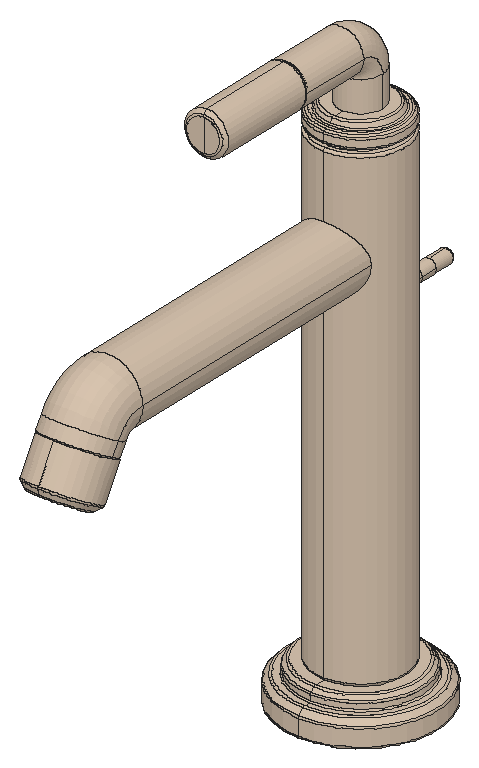
Revit family "Faucet-Lavatory-KALLISTA-PURE_PALETTA-P31590_1", category Plumbing Fixtures, host Face, Revit 2022
Family settings
  Host = Face
  Round Connector Dimension = Use Diameter
  Part Type = Normal
  OmniClass Number = 23.31.11.00
  OmniClass Title = Faucets
  Cut with Voids When Loaded = No
  Maintain Annotation Orientation = No
  Shared = No
  Room Calculation Point = No
Parameters (values of type "BAF-Brushed French Gold")
  Width = 2 93/256"  # constant formula
  WaterSense Certified = 1 = 0  # no
  Waste Water Outlet = "Waste Water Outlet"  # constant formula
  Waste Connection = 1 = 0  # no
  Vent Connection = 1 = 0  # no
  URL = "https://www.kallista.com/"
  Type = 2
  Spout Reach = 5.74016"  # constant formula
  Product Page URL = ""
  Product Name = "PURE PALETTA"  # constant formula
  Product Documentation Link = ""
  Pressure = 60.00 psi  # constant formula
  Model = if(Type = 1, "P31590-00-CP", if(Type = 2, "P31590-00-BAF", if(Type = 3, "P31590-00-SN", if(Type = 4, "P31590-00-BN", "NA"))))  # "P31590-00-BAF"
  Material = "Premium Metal Construction"  # constant formula
  Master Format 2014 Name = "Residential Faucets, Supplies, and Trim"  # constant formula
  Master Format 2014 = "22 41 39"  # constant formula
  Manufacturer Address = "444 Highland Dr, Kohler, WI 53044"  # constant formula
  Manufacturer = "Kallista Co."  # constant formula
  Length = Spout Reach  # 5.74016"
  Hot Water Inlet = "Hot Water Inlet"  # constant formula
  Height = 9 95/256"  # constant formula
  Handle Clearance = 2 127/128"  # constant formula
  HW Connection = 1 = 1  # yes
  Flow Rate = 1.2 GPM  # constant formula
  Finish = Kallista-Metal-BAF-Brushed_French_Gold
  Environmental Product Declaration = ""
  Drain Included = 1 = 1  # yes
  Description = "Single Control"  # constant formula
  Default Elevation = 36"
  Declare Label = ""
  Date Modified = "11/10/2023"  # constant formula
  Date Created = "07/14/2022"  # constant formula
  Copyright = "Copyright Kallista Co."  # constant formula
  Contact Us = "https://www.kallista.com/corporate/contact-us/"
  Cold Water Inlet = "Cold Water Inlet"  # constant formula
  CW Connection = 1 = 1  # yes
  Assembly Code = "D2010"
  ADA Compliant = 1 = 0  # no
Types (5): name | Type | Model | Finish
  (no name) | 2 | "P31590-00-BAF" | Kallista-Metal-BAF-Brushed_French_Gold
  CP-Chrome | 1 | "P31590-00-CP" | Kallista-Metal-CP-Chrome
  BAF-Brushed French Gold | 2 | "P31590-00-BAF" | Kallista-Metal-BAF-Brushed_French_Gold
  SN-Polished Nickel | 3 | "P31590-00-SN" | Kallista-Metal-SN-Polished_Nickel
  BN-Brushed Nickel | 4 | "P31590-00-BN" | Kallista-Metal-BN-Brushed_Nickel
Reference planes (in)
  plane 1 "Center (Front/Back)": y = 0
  plane 2: z = 0
  plane 3 "Center (Left/Right)": x = 0
  plane 4: x = -1.1811
  plane 5: x = 1.18218
  plane 6: y = -6.1875
  plane 7: z = 9.37109
  plane 8: x = 0.69685
  plane 9: x = -0.69685
  plane 10: y = -2.99219
  plane 11: z = 6.85039
  plane 12: z = 5.7874
  plane 13: z = 5.25197
  plane 14: y = 0.69685
  plane 15: y = -0.69685
  plane 16: z = 5.47244
  plane 17: z = 8.70079
  plane 18: y = 1.64961
  plane 19: y = -5.74016
  plane 20: z = 0.58268
  plane 21: x = -0.33465
  plane 22: x = 0.33465
  plane 23: x = -0.53001
  plane 24: x = 0.53001
Dimensions and locks (in)
  "Width": plane 4 to plane 5
  "Handle Clearance": plane 1 "Center (Front/Back)" to plane 10
  "Height": level to plane 7
  locked: level to plane 11 at 6.85039
  level to plane 20 = 0.58268"
  locked: plane 17 to plane 7 at 0.67031
  locked: plane 12 to plane 11 at 1.06299
  "Length": plane 1 "Center (Front/Back)" to plane 19
  level to plane 16 = 5.47244"
  plane 18 to plane 1 "Center (Front/Back)" = 1.64961"
  level to plane 13 = 5.25197"
  plane 9 to plane 8 = 1.3937"
  aligned and locked: plane 2 to host face
  aligned and locked: level to host face
  aligned and locked: plane 3 "Center (Left/Right)" to nested 1
  aligned and locked: plane 1 "Center (Front/Back)" to nested 1
Automatic sketch dimensions
  host sketch curve to host sketch curve = 96"  (x2)
Nested families (in)
  nested 1: "P31590" at (0, 0, 0), type "P31590"
Connectors (in)
  piping at (-0.33465, 0, 0), diameter 0.5625, driven by "Flow Rate", driven by "Pressure", driven by "HW Connection", driven by "Hot Water Inlet"
    settings: on nested 1, index 1, connector inside diameter 24", connector length 0", flow factor 0, pipe flow 1.2 GPM, pressure drop 60.00 psi, fitting loss kfactor 0, connector angle 0.00°, fixture units 0, engagement length 0", angle of deflection 0.00°, flow configuration 1, flow direction 1, fitting loss method 4, system type 19, joint type 0, gender type 0, connector reference index -1, connector utility 1, adjustable connector no, is connector primary yes, connector description "Hot Water Inlet"
  piping at (0.33465, 0, 0), diameter 0.5625, driven by "Flow Rate", driven by "Pressure", driven by "CW Connection", driven by "Cold Water Inlet"
    settings: on nested 1, index 2, connector inside diameter 24", connector length 0", flow factor 0, pipe flow 1.2 GPM, pressure drop 60.00 psi, fitting loss kfactor 0, connector angle 0.00°, fixture units 0, engagement length 0", angle of deflection 0.00°, flow configuration 1, flow direction 1, fitting loss method 4, system type 20, joint type 0, gender type 0, connector reference index -1, connector utility 1, adjustable connector no, is connector primary no, connector description "Cold Water Inlet"
Definition of nested family "P31590"
  Parameters
    Material = none
    Default Elevation = 0"
  Reference planes (in)
    plane 1 "Center (Front/Back)": y = 0
    plane 2: z = 0
    plane 3 "Center (Left/Right)": x = 0
    plane 4: z = 0.58268
    plane 5: y = -0.69685
    plane 6: y = 0.69685
    plane 7: z = 5.47244
    plane 8: z = 9.37008
    plane 9: z = 6.85039
    plane 10: z = 5.25197
    plane 11: z = 5.7874
    plane 12: y = -6.18643
    plane 13: x = -0.69685
    plane 14: x = 0.69685
    plane 15: y = 1.1811
    plane 16: y = -1.1811
    plane 17: x = -1.1811
    plane 18: x = 1.1811
    plane 19: y = -2.99213
    plane 20 "1": through (0, 0.93196, 5.45663) normal (0, -0.9272, 0.3746)
    plane 21 "A": through (0, 0.33612, 4.56386) normal (0, -0.5878, -0.809)
    plane 22: x = -0.33465
    plane 23: x = 0.33465
    plane 24: z = 8.70079
    plane 25: y = 1.64961
    plane 26: y = -5.74016
    plane 27: y = -1.4628
  Forms (in)
    Revolve 1, solid, material <- "Material", detail levels medium+fine
      sketch origin (0, 0, 0) x (0, 1, 0) y (0, 0, 1)
        loop
          line (0, 0) -> (0, 0.58268) -> (-0.8507, 0.58268)
          arc (-0.8507, 0.58268) -> (-0.86849, 0.57914) -> (-0.88358, 0.56906) r 0.0465
          line (-0.88358, 0.56906) -> (-0.93235, 0.52029)
          arc (-0.93235, 0.52029) -> (-0.94146, 0.50665) -> (-0.94466, 0.49056) r 0.04205
          line (-0.94466, 0.49056) -> (-0.94466, 0.41183)
          arc (-0.94466, 0.41183) -> (-0.9506, 0.3975) -> (-0.96493, 0.39157) r 0.02027
          line (-0.96493, 0.39157) -> (-1.05865, 0.39157)
          arc (-1.05865, 0.39157) -> (-1.0782, 0.38768) -> (-1.09478, 0.3766) r 0.0511
          line (-1.09478, 0.3766) -> (-1.16853, 0.30285)
          arc (-1.16853, 0.30285) -> (-1.17703, 0.29013) -> (-1.18001, 0.27512) r 0.03921
          line (-1.18001, 0.27512) -> (-1.18001, 0.02415)
          arc (-1.18001, 0.02415) -> (-1.17294, 0.00707) -> (-1.15587, 0) r 0.02415
          line (-1.15587, 0) -> (0, 0)
        axis (0, 0.58268) -> (0, 0)
      angle from 0 to 360
    Revolve 2, solid, material <- "Material", detail levels medium+fine
      sketch origin (0, 0, 0) x (0, 1, 0) y (0, 0, 1)
        loop
          line (0, 0.58268) -> (0, 7.8388) -> (-0.66415, 7.8388)
          arc (-0.66415, 7.8388) -> (-0.68727, 7.82923) -> (-0.69685, 7.8061) r 0.0327
          line (-0.69685, 7.8061) -> (-0.69685, 0.61552)
          arc (-0.69685, 0.61552) -> (-0.68723, 0.5923) -> (-0.66401, 0.58268) r 0.03285
          line (-0.66401, 0.58268) -> (0, 0.58268)
        axis (0, 0.58268) -> (0, 7.8388)
      angle from 0 to 360
    Revolve 3, solid, material <- "Material", detail levels medium+fine
      sketch origin (0, 0, 0) x (0, 1, 0) y (0, 0, 1)
        loop
          line (0, 7.83859) -> (0, 8.20768) -> (-0.49757, 8.20768)
          arc (-0.49757, 8.20768) -> (-0.51405, 8.20305) -> (-0.5257, 8.1905) r 0.03162
          line (-0.5257, 8.1905) -> (-0.55572, 8.132)
          arc (-0.55572, 8.132) -> (-0.56674, 8.12013) -> (-0.58234, 8.11574) r 0.02991
          line (-0.58234, 8.11574) -> (-0.62867, 8.11574)
          arc (-0.62867, 8.11574) -> (-0.6449, 8.11251) -> (-0.65865, 8.10332) r 0.0424
          line (-0.65865, 8.10332) -> (-0.6852, 8.07677)
          arc (-0.6852, 8.07677) -> (-0.69382, 8.06387) -> (-0.69685, 8.04865) r 0.03977
          line (-0.69685, 8.04865) -> (-0.69685, 7.93818)
          arc (-0.69685, 7.93818) -> (-0.69075, 7.92345) -> (-0.67602, 7.91735) r 0.02083
          line (-0.67602, 7.91735) -> (-0.50512, 7.91735) -> (-0.58388, 7.83859) -> (-0.33422, 7.83859) -> (0, 7.83859)
        axis (0, 7.83859) -> (0, 8.20768)
      angle from 0 to 360
    Sweep 4, solid, material <- "Material", detail levels medium+fine
      path origin (0, 0, 0) x (0, 1, 0) y (0, 0, 1)
        loop
          line (-0.42993, 6.32346) -> (-4.81072, 6.32346)
          arc (-4.81072, 6.32346) -> (-5.08181, 6.25082) -> (-5.28026, 6.05237) r 0.54218
          line (-5.28026, 6.05237) -> (-5.38631, 5.86869)
      profile origin (0, -2.62033, 6.32346) x (0, 0, -1) y (1, 0, 0)
        loop
          circle (0, 0) r 0.52756
    Sweep 5, solid, material <- "Material", detail levels medium+fine
      path origin (0, 0, -0.00615) x (0, 1, 0) y (0, 0, 1)
        loop
          line (1.29924, 5.37156) -> (1.0314, 5.37156)
          arc (1.0314, 5.37156) -> (0.92734, 5.33875) -> (0.86092, 5.25219) r 0.18142
          line (0.86092, 5.25219) -> (0.43246, 4.07501)
      profile origin (0, 1.16532, 5.36541) x (0, 0, -1) y (1, 0, 0)
        loop
          circle (0.00434, 0) r 0.11024
    Revolve 6, solid, material <- "Material", detail levels medium+fine
      sketch origin (0, 0, 0) x (0, 1, 0) y (0, 0, 1)
        loop
          line (1.29924, 5.36107) -> (1.29924, 5.25084) -> (1.62216, 5.25084)
          arc (1.62216, 5.25084) -> (1.64157, 5.25887) -> (1.64961, 5.27828) r 0.02744
          line (1.64961, 5.27828) -> (1.64961, 5.36107) -> (1.29924, 5.36107)
        axis (1.64961, 5.36107) -> (1.29924, 5.36107)
      angle from 0 to 360
    Sweep 7, solid, material <- "Material", detail levels medium+fine
      path origin (0, 0, -0.0123) x (0, 1, 0) y (0, 0, 1)
        loop
          line (0, 8.22023) -> (0, 8.68772)
          arc (0, 8.68772) -> (-0.10541, 8.94221) -> (-0.35989, 9.04762) r 0.35989
          line (-0.35989, 9.04762) -> (-1.43546, 9.04762)
      profile origin (0, 0, 8.44168) x (0, -1, 0) y (1, 0, 0)
        loop
          circle (0, 0) r 0.33465
    Revolve 8, solid, material <- "Material", detail levels medium+fine
      sketch origin (0, 0, 0) x (0, 1, 0) y (0, 0, 1)
        loop
          line (-5.38631, 5.86869) -> (-5.84319, 6.13247)
          arc (-5.84319, 6.13247) -> (-5.83803, 6.11346) -> (-5.82409, 6.09956) r 0.03819
          line (-5.82409, 6.09956) -> (-5.85267, 6.11605) -> (-6.13918, 5.61979)
          arc (-6.13918, 5.61979) -> (-6.14471, 5.6035) -> (-6.14359, 5.58634) r 0.04408
          line (-6.14359, 5.58634) -> (-6.11666, 5.48586)
          arc (-6.11666, 5.48586) -> (-6.10876, 5.46984) -> (-6.09533, 5.45806) r 0.04578
          line (-6.09533, 5.45806) -> (-5.74137, 5.2537) -> (-5.38631, 5.86869)
        axis (-5.38631, 5.86869) -> (-5.74137, 5.2537)
      angle from 0 to 360
    Extrusion 9, void
      sketch origin (0, -5.58112, 5.53004) x (0, -0.866025, 0.5) y (1, 0, 0)
        loop
          circle (-0.02402, 0) r 0.35378
      from -0.70977 to -0.19977
    Extrusion 10, solid, detail levels medium+fine
      sketch origin (0, -5.59177, 5.5362) x (0, 0.866025, -0.5) y (1, 0, 0)
        loop
          line (0.3289, -0.0717) -> (0.37741, -0.0717)
          arc (0.37741, -0.0717) -> (0.38654, -0.00011) -> (0.37741, 0.07149) r 0.28543
          line (0.37741, 0.07149) -> (0.3289, 0.07149)
          arc (0.3289, 0.07149) -> (0.33752, -0.00011) -> (0.3289, -0.0717) r 0.30175
      from 0.19977 to 0.31945
    Extrusion 11, solid, detail levels medium+fine
      sketch origin (-0.02512, -5.57915, 5.52891) x (0.707107, 0.612372, -0.353553) y (0.707107, -0.612372, 0.353553)
        loop
          line (0.3289, -0.0717) -> (0.37741, -0.0717)
          arc (0.37741, -0.0717) -> (0.38654, -0.00011) -> (0.37741, 0.07149) r 0.28543
          line (0.37741, 0.07149) -> (0.3289, 0.07149)
          arc (0.3289, 0.07149) -> (0.33752, -0.00011) -> (0.3289, -0.0717) r 0.30175
      from 0.19977 to 0.31945
    Extrusion 12, solid, detail levels medium+fine
      sketch origin (-0.03184, -5.57037, 5.52384) x (0.99863, 0.045324, -0.026168) y (0.052336, -0.864839, 0.499315)
        loop
          line (0.3289, -0.0717) -> (0.37741, -0.0717)
          arc (0.37741, -0.0717) -> (0.38654, -0.00011) -> (0.37741, 0.07149) r 0.28543
          line (0.37741, 0.07149) -> (0.3289, 0.07149)
          arc (0.3289, 0.07149) -> (0.33752, -0.00011) -> (0.3289, -0.0717) r 0.30175
      from 0.19977 to 0.31945
    Extrusion 13, solid, detail levels medium+fine
      sketch origin (-0.018, -5.53239, 5.50191) x (0.079283, -0.863299, 0.498426) y (-0.996852, -0.068661, 0.039642)
        loop
          line (0.3289, -0.0717) -> (0.37741, -0.0717)
          arc (0.37741, -0.0717) -> (0.38654, -0.00011) -> (0.37741, 0.07149) r 0.28543
          line (0.37741, 0.07149) -> (0.3289, 0.07149)
          arc (0.3289, 0.07149) -> (0.33752, -0.00011) -> (0.3289, -0.0717) r 0.30175
      from 0.19977 to 0.31945
    Extrusion 14, solid, detail levels medium+fine
      sketch origin (0.03812, -5.5705, 5.52392) x (-0.999529, -0.026566, 0.015338) y (-0.030675, 0.865618, -0.499765)
        loop
          line (0.3289, -0.0717) -> (0.37741, -0.0717)
          arc (0.37741, -0.0717) -> (0.38654, -0.00011) -> (0.37741, 0.07149) r 0.28543
          line (0.37741, 0.07149) -> (0.3289, 0.07149)
          arc (0.3289, 0.07149) -> (0.33752, -0.00011) -> (0.3289, -0.0717) r 0.30175
      from 0.19977 to 0.31945
    Extrusion 15, solid, detail levels medium+fine
      sketch origin (0.01467, -5.53226, 5.50184) x (-0.662001, -0.649089, 0.374752) y (-0.749503, 0.57331, -0.331)
        loop
          line (0.3289, -0.0717) -> (0.37741, -0.0717)
          arc (0.37741, -0.0717) -> (0.38654, -0.00011) -> (0.37741, 0.07149) r 0.28543
          line (0.37741, 0.07149) -> (0.3289, 0.07149)
          arc (0.3289, 0.07149) -> (0.33752, -0.00011) -> (0.3289, -0.0717) r 0.30175
      from 0.19977 to 0.31945
    Extrusion 16, solid, detail levels medium+fine
      sketch origin (-0.028, -5.5355, 5.50371) x (0.765393, -0.557342, 0.321782) y (-0.643563, -0.66285, 0.382696)
        loop
          line (0.3289, -0.0717) -> (0.37741, -0.0717)
          arc (0.37741, -0.0717) -> (0.38654, -0.00011) -> (0.37741, 0.07149) r 0.28543
          line (0.37741, 0.07149) -> (0.3289, 0.07149)
          arc (0.3289, 0.07149) -> (0.33752, -0.00011) -> (0.3289, -0.0717) r 0.30175
      from 0.19977 to 0.31945
    Extrusion 17, solid, detail levels medium+fine
      sketch origin (0.02322, -5.58258, 5.53089) x (-0.763321, 0.559469, -0.32301) y (0.646019, 0.661055, -0.38166)
        loop
          line (0.3289, -0.0717) -> (0.37741, -0.0717)
          arc (0.37741, -0.0717) -> (0.38654, -0.00011) -> (0.37741, 0.07149) r 0.28543
          line (0.37741, 0.07149) -> (0.3289, 0.07149)
          arc (0.3289, 0.07149) -> (0.33752, -0.00011) -> (0.3289, -0.0717) r 0.30175
      from 0.19977 to 0.31945
    Extrusion 18, solid, detail levels medium+fine
      sketch origin (0, -5.58112, 5.53004) x (0, 0.866025, -0.5) y (1, 0, 0)
        loop
          circle (0.03684, -0.00096) r 0.30315
      from 0.19977 to 0.2851
    Extrusion 19, void
      sketch origin (0, -5.72367, 5.28314) x (0, -0.866025, 0.5) y (1, 0, 0)
        loop
          line (0.17055, -0.07145) -> (0.15658, -0.10981) -> (0.18283, -0.14108) -> (0.22303, -0.13399) -> (0.23699, -0.09563) -> (0.21075, -0.06436) -> (0.17055, -0.07145)
        loop
          line (0.1546, 0.01897) -> (0.14064, -0.01939) -> (0.16688, -0.05066) -> (0.20709, -0.04358) -> (0.22105, -0.00521) -> (0.19481, 0.02606) -> (0.1546, 0.01897)
        loop
          line (0.13743, 0.11637) -> (0.12347, 0.07801) -> (0.14971, 0.04674) -> (0.18991, 0.05382) -> (0.20387, 0.09219) -> (0.17763, 0.12346) -> (0.13743, 0.11637)
        loop
          line (0.06008, 0.18791) -> (0.04612, 0.14955) -> (0.07236, 0.11828) -> (0.11257, 0.12537) -> (0.12653, 0.16373) -> (0.10029, 0.195) -> (0.06008, 0.18791)
        loop
          line (0.05137, 0.0883) -> (0.03741, 0.04994) -> (0.06365, 0.01866) -> (0.10385, 0.02575) -> (0.11781, 0.06411) -> (0.09157, 0.09539) -> (0.05137, 0.0883)
        loop
          line (0.07105, -0.02331) -> (0.05709, -0.06167) -> (0.08333, -0.09294) -> (0.12353, -0.08585) -> (0.13749, -0.04749) -> (0.11125, -0.01622) -> (0.07105, -0.02331)
        loop
          line (0.08849, -0.12224) -> (0.07453, -0.1606) -> (0.10077, -0.19187) -> (0.14097, -0.18479) -> (0.15494, -0.14642) -> (0.1287, -0.11515) -> (0.08849, -0.12224)
        loop
          line (-0.00213, -0.1645) -> (-0.01609, -0.20286) -> (0.01015, -0.23413) -> (0.05035, -0.22704) -> (0.06431, -0.18868) -> (0.03807, -0.15741) -> (-0.00213, -0.1645)
        loop
          line (-0.00213, -0.06542) -> (-0.01609, -0.10378) -> (0.01015, -0.13505) -> (0.05035, -0.12796) -> (0.06431, -0.0896) -> (0.03807, -0.05833) -> (-0.00213, -0.06542)
        loop
          line (-0.01902, 0.03033) -> (-0.03298, -0.00803) -> (-0.00674, -0.03931) -> (0.03347, -0.03222) -> (0.04743, 0.00614) -> (0.02119, 0.03742) -> (-0.01902, 0.03033)
        loop
          line (-0.03754, 0.13537) -> (-0.0515, 0.09701) -> (-0.02526, 0.06574) -> (0.01494, 0.07283) -> (0.0289, 0.11119) -> (0.00266, 0.14246) -> (-0.03754, 0.13537)
        loop
          line (-0.02982, 0.22364) -> (-0.04378, 0.18528) -> (-0.01754, 0.154) -> (0.02266, 0.16109) -> (0.03663, 0.19945) -> (0.01039, 0.23073) -> (-0.02982, 0.22364)
        loop
          line (-0.12738, 0.19133) -> (-0.14134, 0.15297) -> (-0.1151, 0.1217) -> (-0.0749, 0.12878) -> (-0.06094, 0.16715) -> (-0.08718, 0.19842) -> (-0.12738, 0.19133)
        loop
          line (-0.10828, 0.08301) -> (-0.12224, 0.04465) -> (-0.096, 0.01338) -> (-0.0558, 0.02047) -> (-0.04184, 0.05883) -> (-0.06808, 0.0901) -> (-0.10828, 0.08301)
        loop
          line (-0.09054, -0.01761) -> (-0.1045, -0.05597) -> (-0.07826, -0.08724) -> (-0.03806, -0.08015) -> (-0.0241, -0.04179) -> (-0.05034, -0.01052) -> (-0.09054, -0.01761)
        loop
          line (-0.09054, -0.11284) -> (-0.1045, -0.1512) -> (-0.07826, -0.18247) -> (-0.03806, -0.17539) -> (-0.0241, -0.13703) -> (-0.05034, -0.10575) -> (-0.09054, -0.11284)
        loop
          line (-0.18641, -0.10403) -> (-0.20037, -0.14239) -> (-0.17413, -0.17366) -> (-0.13393, -0.16657) -> (-0.11997, -0.12821) -> (-0.14621, -0.09694) -> (-0.18641, -0.10403)
        loop
          line (-0.18641, -0.00469) -> (-0.20037, -0.04305) -> (-0.17413, -0.07432) -> (-0.13393, -0.06723) -> (-0.11997, -0.02887) -> (-0.14621, 0.0024) -> (-0.18641, -0.00469)
        loop
          line (-0.20262, 0.08721) -> (-0.21658, 0.04885) -> (-0.19034, 0.01757) -> (-0.15013, 0.02466) -> (-0.13617, 0.06302) -> (-0.16241, 0.09429) -> (-0.20262, 0.08721)
      from -0.14688 to 0.11119
    Revolve 20, solid, material <- "Material", detail levels coarse
      sketch origin (0, 0, 0) x (0, 1, 0) y (0, 0, 1)
        loop
          line (0, 0) -> (0, 8.23229) -> (-0.69685, 8.23229) -> (-0.69685, 0.58268) -> (-1.1811, 0.58268) -> (-1.1811, 0) -> (0, 0)
        axis (0, 8.23229) -> (0, 0)
      angle from 0 to 360
    Sweep 21, solid, material <- "Material", detail levels coarse
      path origin (0, 0, 0) x (0, 1, 0) y (0, 0, 1)
        loop
          line (-0.4453, 6.31321) -> (-4.77601, 6.31321)
          arc (-4.77601, 6.31321) -> (-5.0758, 6.23289) -> (-5.29526, 6.01343) r 0.59957
          line (-5.29526, 6.01343) -> (-5.74114, 5.24114)
      profile origin (0, -2.61066, 6.31321) x (0, 0, -1) y (1, 0, 0)
        loop
          circle (0, 0) r 0.5378
    Sweep 22, solid, material <- "Material", detail levels coarse
      path origin (0, 0, 0) x (0, 1, 0) y (0, 0, 1)
        loop
          line (0.55314, 4.44094) -> (0.88884, 5.27183)
          arc (0.88884, 5.27183) -> (0.94227, 5.33781) -> (1.02347, 5.36263) r 0.1452
          line (1.02347, 5.36263) -> (1.64961, 5.36263)
      profile origin (0, 0.72099, 4.85639) x (0, -0.927184, 0.374607) y (1, 0, 0)
        loop
          circle (0, 0) r 0.11094
    Sweep 23, solid, material <- "Material", detail levels coarse
      path origin (0, 0, 0) x (0, 1, 0) y (0, 0, 1)
        loop
          line (0.00221, 8.23229) -> (0.00221, 8.60715)
          arc (0.00221, 8.60715) -> (-0.12583, 8.91626) -> (-0.43493, 9.0443) r 0.43715
          line (-0.43493, 9.0443) -> (-2.99206, 9.0443)
      profile origin (0, 0.00221, 8.41972) x (0, -1, 0) y (1, 0, 0)
        loop
          circle (0, 0) r 0.33243
    Extrusion 24, solid, material <- "Material", detail levels medium+fine
      sketch origin (0, 0, 0) x (1, 0, 0) y (0, 1, 0)
        loop
          circle (-0.33465, 0) r 0.28125
        loop
          circle (0.33465, 0) r 0.28125
      from 0 to 0.03456
    Revolve 25, solid, material <- "Material", detail levels medium+fine
      sketch origin (0, 0, 0) x (0, 1, 0) y (0, 0, 1)
        loop
          line (-2.99237, 9.03532) -> (-1.43546, 9.03532) -> (-1.43546, 9.34668)
          arc (-1.43546, 9.34668) -> (-1.44228, 9.36314) -> (-1.45874, 9.36996) r 0.02328
          line (-1.45874, 9.36996) -> (-2.92561, 9.36996) -> (-2.97973, 9.31584)
          arc (-2.97973, 9.31584) -> (-2.98908, 9.30184) -> (-2.99237, 9.28533) r 0.04314
          line (-2.99237, 9.28533) -> (-2.99237, 9.03532)
        axis (-1.43546, 9.03532) -> (-2.99237, 9.03532)
      angle from 0 to 360
    Sweep 26, void
      path origin (0, 0, -0.00615) x (0, 1, 0) y (0, 0, 1)
        loop
          line (1.29924, 5.37156) -> (1.0314, 5.37156)
          arc (1.0314, 5.37156) -> (0.92734, 5.33875) -> (0.86092, 5.25219) r 0.18142
          line (0.86092, 5.25219) -> (0.43246, 4.07501)
      profile origin (0, 1.16532, 5.36541) x (0, 0, -1) y (1, 0, 0)
        loop
          circle (0.00434, 0) r 0.15076
  Cuts and joins
    Extrusion 9, Sweep 26 cuts Revolve 2
    Extrusion 9 cuts Sweep 4
    Extrusion 9 cuts Revolve 8
    joined: Revolve 1, Revolve 2, Sweep 4, Sweep 5, Revolve 6, Revolve 8
    Extrusion 19 cuts Extrusion 18
    joined: Revolve 3, Sweep 7
    joined: Revolve 20, Sweep 21, Sweep 22, Sweep 23
    joined: Extrusion 10, Extrusion 11, Extrusion 12, Extrusion 13, Extrusion 14, Extrusion 15, Extrusion 16, Extrusion 17
  Lines and regions (in)
    Masking region 1
      outline origin (0, 0, 0) x (1, 0, 0) y (0, 1, 0)
        loop
          arc (-0.10996, 1.17597) -> (-1.16072, 0.2185) -> (-0.53001, -1.0555) r 1.1811
          line (-0.53001, -1.0555) -> (-0.53001, -5.65762)
          arc (-0.53001, -5.65762) -> (0, -6.18763) -> (0.53001, -5.65762) r 0.53001
          line (0.53001, -5.65762) -> (0.53001, -1.0555)
          arc (0.53001, -1.0555) -> (1.16072, 0.2185) -> (0.10996, 1.17597) r 1.1811
          line (0.10996, 1.17597) -> (0.10996, 1.60528)
          arc (0.10996, 1.60528) -> (0.10271, 1.62264) -> (0.09124, 1.63756) r 0.07254
          arc (0.09124, 1.63756) -> (0.0779, 1.64648) -> (0.06217, 1.64961) r 0.04112
          line (0.06217, 1.64961) -> (-0.06278, 1.64961)
          arc (-0.06278, 1.64961) -> (-0.07795, 1.64659) -> (-0.09081, 1.63799) r 0.03965
          arc (-0.09081, 1.63799) -> (-0.10249, 1.62287) -> (-0.10996, 1.60528) r 0.07484
          line (-0.10996, 1.60528) -> (-0.10996, 1.17597)
    Masking region 2
      outline origin (0, 0, 0) x (1, 0, 0) y (0, 0, 1)
        loop
          line (-1.15522, 0) -> (1.15522, 0)
          arc (1.15522, 0) -> (1.17352, 0.00758) -> (1.1811, 0.02588) r 0.02588
          line (1.1811, 0.02588) -> (1.1811, 0.27051)
          arc (1.1811, 0.27051) -> (1.1773, 0.28964) -> (1.16646, 0.30586) r 0.04999
          line (1.16646, 0.30586) -> (1.09697, 0.37535)
          arc (1.09697, 0.37535) -> (1.07971, 0.38688) -> (1.05935, 0.39093) r 0.05321
          line (1.05935, 0.39093) -> (0.96648, 0.39093)
          arc (0.96648, 0.39093) -> (0.9514, 0.39718) -> (0.94516, 0.41226) r 0.02133
          line (0.94516, 0.41226) -> (0.94516, 0.48737)
          arc (0.94516, 0.48737) -> (0.94206, 0.50294) -> (0.93324, 0.51614) r 0.04069
          line (0.93324, 0.51614) -> (0.88058, 0.5688)
          arc (0.88058, 0.5688) -> (0.86521, 0.57907) -> (0.84708, 0.58268) r 0.04738
          line (0.84708, 0.58268) -> (0.66985, 0.58268)
          arc (0.66985, 0.58268) -> (0.68918, 0.59342) -> (0.69685, 0.61416) r 0.03185
          line (0.69685, 0.61416) -> (0.69685, 7.83823) -> (0.56626, 7.83823) -> (0.48715, 7.91735) -> (0.67602, 7.91735)
          arc (0.67602, 7.91735) -> (0.69075, 7.92345) -> (0.69685, 7.93818) r 0.02083
          line (0.69685, 7.93818) -> (0.69685, 8.04865)
          arc (0.69685, 8.04865) -> (0.69382, 8.06387) -> (0.6852, 8.07677) r 0.03977
          line (0.6852, 8.07677) -> (0.65865, 8.10332)
          arc (0.65865, 8.10332) -> (0.6449, 8.11251) -> (0.62867, 8.11574) r 0.0424
          line (0.62867, 8.11574) -> (0.56868, 8.11574)
          arc (0.56868, 8.11574) -> (0.55391, 8.12186) -> (0.5478, 8.13662) r 0.02088
          line (0.5478, 8.13662) -> (0.5478, 8.1687)
          arc (0.5478, 8.1687) -> (0.54609, 8.18399) -> (0.5379, 8.19702) r 0.03454
          line (0.5379, 8.19702) -> (0.51469, 8.22023)
          arc (0.51469, 8.22023) -> (0.50045, 8.22917) -> (0.48393, 8.23229) r 0.04528
          line (0.48393, 8.23229) -> (0.31587, 8.23229)
          arc (0.31587, 8.23229) -> (0.32942, 8.23914) -> (0.33487, 8.2533) r 0.02112
          line (0.33487, 8.2533) -> (0.33487, 9.03539)
          arc (0.33487, 9.03539) -> (0, 9.37026) -> (-0.33487, 9.03539) r 0.33487
          line (-0.33487, 9.03539) -> (-0.33487, 8.2533)
          arc (-0.33487, 8.2533) -> (-0.32942, 8.23914) -> (-0.31587, 8.23229) r 0.02112
          line (-0.31587, 8.23229) -> (-0.48393, 8.23229)
          arc (-0.48393, 8.23229) -> (-0.50045, 8.22917) -> (-0.51469, 8.22023) r 0.04528
          line (-0.51469, 8.22023) -> (-0.5379, 8.19702)
          arc (-0.5379, 8.19702) -> (-0.54609, 8.18399) -> (-0.5478, 8.1687) r 0.03454
          line (-0.5478, 8.1687) -> (-0.5478, 8.13662)
          arc (-0.5478, 8.13662) -> (-0.55391, 8.12186) -> (-0.56868, 8.11574) r 0.02088
          line (-0.56868, 8.11574) -> (-0.62867, 8.11574)
          arc (-0.62867, 8.11574) -> (-0.6449, 8.11251) -> (-0.65865, 8.10332) r 0.0424
          line (-0.65865, 8.10332) -> (-0.6852, 8.07677)
          arc (-0.6852, 8.07677) -> (-0.69382, 8.06387) -> (-0.69685, 8.04865) r 0.03977
          line (-0.69685, 8.04865) -> (-0.69685, 7.93818)
          arc (-0.69685, 7.93818) -> (-0.69075, 7.92345) -> (-0.67602, 7.91735) r 0.02083
          line (-0.67602, 7.91735) -> (-0.48715, 7.91735) -> (-0.56626, 7.83823) -> (-0.69685, 7.83823) -> (-0.69685, 0.61416)
          arc (-0.69685, 0.61416) -> (-0.68918, 0.59342) -> (-0.66985, 0.58268) r 0.03185
          line (-0.66985, 0.58268) -> (-0.84708, 0.58268)
          arc (-0.84708, 0.58268) -> (-0.86521, 0.57907) -> (-0.88058, 0.5688) r 0.04738
          line (-0.88058, 0.5688) -> (-0.93324, 0.51614)
          arc (-0.93324, 0.51614) -> (-0.94206, 0.50294) -> (-0.94516, 0.48737) r 0.04069
          line (-0.94516, 0.48737) -> (-0.94516, 0.41226)
          arc (-0.94516, 0.41226) -> (-0.9514, 0.39718) -> (-0.96648, 0.39093) r 0.02133
          line (-0.96648, 0.39093) -> (-1.05935, 0.39093)
          arc (-1.05935, 0.39093) -> (-1.07971, 0.38688) -> (-1.09697, 0.37535) r 0.05321
          line (-1.09697, 0.37535) -> (-1.16646, 0.30586)
          arc (-1.16646, 0.30586) -> (-1.1773, 0.28964) -> (-1.1811, 0.27051) r 0.04999
          line (-1.1811, 0.27051) -> (-1.1811, 0.02588)
          arc (-1.1811, 0.02588) -> (-1.17352, 0.00758) -> (-1.15522, 0) r 0.02588
    Masking region 3
      outline origin (0, 0, 0) x (0, 1, 0) y (0, 0, 1)
        loop
          line (-0.88792, 0.5658) -> (-0.93343, 0.52029)
          arc (-0.93343, 0.52029) -> (-0.94255, 0.50665) -> (-0.94575, 0.49056) r 0.04205
          line (-0.94575, 0.49056) -> (-0.94575, 0.41183)
          arc (-0.94575, 0.41183) -> (-0.95169, 0.3975) -> (-0.96602, 0.39157) r 0.02027
          line (-0.96602, 0.39157) -> (-1.05974, 0.39157)
          arc (-1.05974, 0.39157) -> (-1.07929, 0.38768) -> (-1.09587, 0.3766) r 0.0511
          line (-1.09587, 0.3766) -> (-1.16962, 0.30285)
          arc (-1.16962, 0.30285) -> (-1.17812, 0.29013) -> (-1.1811, 0.27512) r 0.03921
          line (-1.1811, 0.27512) -> (-1.1811, 0.02415)
          arc (-1.1811, 0.02415) -> (-1.17403, 0.00707) -> (-1.15696, 0) r 0.02415
          line (-1.15696, 0) -> (-0.00109, 0) -> (1.15696, 0)
          arc (1.15696, 0) -> (1.17403, 0.00707) -> (1.1811, 0.02415) r 0.02415
          line (1.1811, 0.02415) -> (1.1811, 0.27512)
          arc (1.1811, 0.27512) -> (1.17812, 0.29013) -> (1.16962, 0.30285) r 0.03921
          line (1.16962, 0.30285) -> (1.09587, 0.3766)
          arc (1.09587, 0.3766) -> (1.07929, 0.38768) -> (1.05974, 0.39157) r 0.0511
          line (1.05974, 0.39157) -> (0.96602, 0.39157)
          arc (0.96602, 0.39157) -> (0.95169, 0.3975) -> (0.94575, 0.41183) r 0.02027
          line (0.94575, 0.41183) -> (0.94575, 0.49056)
          arc (0.94575, 0.49056) -> (0.94255, 0.50665) -> (0.93343, 0.52029) r 0.04205
          line (0.93343, 0.52029) -> (0.88792, 0.5658)
          arc (0.88792, 0.5658) -> (0.86923, 0.57829) -> (0.84718, 0.58268) r 0.05762
          line (0.84718, 0.58268) -> (0.66401, 0.58268)
          arc (0.66401, 0.58268) -> (0.68723, 0.5923) -> (0.69685, 0.61552) r 0.03285
          line (0.69685, 0.61552) -> (0.69685, 4.46059) -> (0.96444, 5.19579)
          arc (0.96444, 5.19579) -> (0.9957, 5.23653) -> (1.04467, 5.25197) r 0.08538
          line (1.04467, 5.25197) -> (1.59507, 5.25197) -> (1.62945, 5.26592)
          arc (1.62945, 5.26592) -> (1.64425, 5.28236) -> (1.64961, 5.30382) r 0.04571
          line (1.64961, 5.30382) -> (1.64961, 5.4177)
          arc (1.64961, 5.4177) -> (1.64413, 5.43969) -> (1.62898, 5.45654) r 0.04688
          line (1.62898, 5.45654) -> (1.59507, 5.47244) -> (1.02633, 5.47244)
          arc (1.02633, 5.47244) -> (0.86228, 5.4215) -> (0.75594, 5.2866) r 0.28963
          line (0.75594, 5.2866) -> (0.69685, 5.13267) -> (0.69685, 7.8388) -> (0.57986, 7.8388) -> (0.50132, 7.91735) -> (0.67602, 7.91735)
          arc (0.67602, 7.91735) -> (0.69075, 7.92345) -> (0.69685, 7.93818) r 0.02083
          line (0.69685, 7.93818) -> (0.69685, 8.04865)
          arc (0.69685, 8.04865) -> (0.69382, 8.06387) -> (0.6852, 8.07677) r 0.03977
          line (0.6852, 8.07677) -> (0.65865, 8.10332)
          arc (0.65865, 8.10332) -> (0.6449, 8.11251) -> (0.62867, 8.11574) r 0.0424
          line (0.62867, 8.11574) -> (0.56868, 8.11574)
          arc (0.56868, 8.11574) -> (0.55391, 8.12186) -> (0.5478, 8.13662) r 0.02088
          line (0.5478, 8.13662) -> (0.5478, 8.1687)
          arc (0.5478, 8.1687) -> (0.54609, 8.18399) -> (0.5379, 8.19702) r 0.03454
          line (0.5379, 8.19702) -> (0.51469, 8.22023)
          arc (0.51469, 8.22023) -> (0.50045, 8.22917) -> (0.48393, 8.23229) r 0.04528
          line (0.48393, 8.23229) -> (0.33864, 8.23229) -> (0.33864, 9.25362)
          arc (0.33864, 9.25362) -> (0.30453, 9.33597) -> (0.22218, 9.37008) r 0.11646
          line (0.22218, 9.37008) -> (-2.92549, 9.37008) -> (-2.97591, 9.31966)
          arc (-2.97591, 9.31966) -> (-2.98786, 9.30177) -> (-2.99206, 9.28068) r 0.05512
          line (-2.99206, 9.28068) -> (-2.99206, 8.79588)
          arc (-2.99206, 8.79588) -> (-2.98786, 8.7748) -> (-2.97592, 8.75692) r 0.0551
          line (-2.97592, 8.75692) -> (-2.91979, 8.70079) -> (-0.44209, 8.70079)
          arc (-0.44209, 8.70079) -> (-0.36582, 8.66919) -> (-0.33422, 8.59292) r 0.10787
          line (-0.33422, 8.59292) -> (-0.33422, 8.23229) -> (-0.48393, 8.23229)
          arc (-0.48393, 8.23229) -> (-0.50045, 8.22917) -> (-0.51469, 8.22023) r 0.04528
          line (-0.51469, 8.22023) -> (-0.5379, 8.19702)
          arc (-0.5379, 8.19702) -> (-0.54609, 8.18399) -> (-0.5478, 8.1687) r 0.03454
          line (-0.5478, 8.1687) -> (-0.5478, 8.13662)
          arc (-0.5478, 8.13662) -> (-0.55391, 8.12186) -> (-0.56868, 8.11574) r 0.02088
          line (-0.56868, 8.11574) -> (-0.62867, 8.11574)
          arc (-0.62867, 8.11574) -> (-0.6449, 8.11251) -> (-0.65865, 8.10332) r 0.0424
          line (-0.65865, 8.10332) -> (-0.6852, 8.07677)
          arc (-0.6852, 8.07677) -> (-0.69382, 8.06387) -> (-0.69685, 8.04865) r 0.03977
          line (-0.69685, 8.04865) -> (-0.69685, 7.93818)
          arc (-0.69685, 7.93818) -> (-0.69075, 7.92345) -> (-0.67602, 7.91735) r 0.02083
          line (-0.67602, 7.91735) -> (-0.50132, 7.91735) -> (-0.57986, 7.8388) -> (-0.69685, 7.8388) -> (-0.69685, 6.93356)
          arc (-0.69685, 6.93356) -> (-0.72121, 6.87475) -> (-0.78002, 6.85039) r 0.08317
          line (-0.78002, 6.85039) -> (-5.08603, 6.85039)
          arc (-5.08603, 6.85039) -> (-5.42064, 6.76074) -> (-5.66559, 6.51578) r 0.66922
          line (-5.66559, 6.51578) -> (-6.17859, 5.62725)
          arc (-6.17859, 5.62725) -> (-6.18565, 5.60646) -> (-6.18421, 5.58455) r 0.05627
          line (-6.18421, 5.58455) -> (-6.15812, 5.48718)
          arc (-6.15812, 5.48718) -> (-6.14997, 5.47065) -> (-6.13611, 5.45849) r 0.04724
          line (-6.13611, 5.45849) -> (-5.4245, 5.04765)
          arc (-5.4245, 5.04765) -> (-5.40524, 5.0412) -> (-5.38499, 5.0428) r 0.05094
          line (-5.38499, 5.0428) -> (-5.29545, 5.06847)
          arc (-5.29545, 5.06847) -> (-5.27671, 5.07802) -> (-5.26291, 5.0939) r 0.05512
          line (-5.26291, 5.0939) -> (-4.91934, 5.68898)
          arc (-4.91934, 5.68898) -> (-4.84729, 5.76103) -> (-4.74886, 5.7874) r 0.19685
          line (-4.74886, 5.7874) -> (-0.77953, 5.7874)
          arc (-0.77953, 5.7874) -> (-0.72107, 5.76319) -> (-0.69685, 5.70472) r 0.08268
          line (-0.69685, 5.70472) -> (-0.69685, 0.61552)
          arc (-0.69685, 0.61552) -> (-0.68723, 0.5923) -> (-0.66401, 0.58268) r 0.03285
          line (-0.66401, 0.58268) -> (-0.84718, 0.58268)
          arc (-0.84718, 0.58268) -> (-0.86923, 0.57829) -> (-0.88792, 0.5658) r 0.05762
    symbolic lines, detail levels medium+fine
      curve 1: arc (0.33465, -1.06967, 0) -> (1.11491, 0.11465, 0) -> (0.10996, 1.11539, 0) r 1.12079
      curve 2: arc (0.33465, -0.61124, 0) -> (0, 0.69685, 0) -> (-0.33465, -0.61124, 0) r 0.69685
      curve 3: arc (0.33465, -0.57359, 0) -> (0, 0.66408, 0) -> (-0.33465, -0.57359, 0) r 0.66408
      curve 4: arc (0.33465, -0.48658, 0) -> (0, 0.59055, 0) -> (-0.33465, -0.48658, 0) r 0.59055
      curve 5: arc (0.33465, -0.4337, 0) -> (0, 0.5478, 0) -> (-0.33465, -0.4337, 0) r 0.5478
      curve 6: arc (0.33465, -0.39105, 0) -> (0, 0.51469, 0) -> (-0.33465, -0.39105, 0) r 0.51469
      curve 7: line (-0.10996, 1.17597, 0) -> (-0.10996, 0.68812, 0)
      curve 8: line (0.10996, 1.17597, 0) -> (0.10996, 0.68812, 0)
      curve 9: line (-0.33465, 0, 0) -> (-0.33465, -2.92561, 0)
      curve 10: line (-0.33465, -2.92561, 0) -> (-0.28989, -2.97036, 0)
      curve 11: line (-0.23969, -2.99116, 0) -> (0, -2.99116, 0)
      curve 12: arc (-0.28989, -2.97036, 0) -> (-0.26686, -2.98575, 0) -> (-0.23969, -2.99116, 0) r 0.07099
      curve 13: line (0.33465, 0, 0) -> (0.33465, -2.92561, 0)
      curve 14: line (0.33465, -2.92561, 0) -> (0.28989, -2.97036, 0)
      curve 15: line (0.23969, -2.99116, 0) -> (0, -2.99116, 0)
      curve 16: arc (0.28989, -2.97036, 0) -> (0.26686, -2.98575, 0) -> (0.23969, -2.99116, 0) r 0.07099
      curve 17: arc (0.33465, 0, 0) -> (0, 0.33465, 0) -> (-0.33465, 0, 0) r 0.33465
      curve 18: arc (-0.33465, 0, 0) -> (0, 0.23526, 0) -> (0.33465, 0, 0) r 0.35564
      curve 19: arc (-0.10996, 0.8937, 0) -> (0, 0.78374, 0) -> (0.10996, 0.8937, 0) r 0.10996
      curve 20: line (-0.10996, 1.07021, 0) -> (0.10996, 1.07021, 0)
      curve 21: arc (0.33465, -0.84911, 0) -> (0.90529, 0.11589, 0) -> (0.10996, 0.90603, 0) r 0.91268
      curve 22: arc (0.33465, -0.88376, 0) -> (0.9379, 0.11564, 0) -> (0.10996, 0.93858, 0) r 0.945
      curve 23: arc (-0.53001, -1.0555, 0) -> (-0.43359, -1.10375, 0) -> (-0.33465, -1.14661, 0) r 1.95164
      curve 24: arc (0.53001, -1.0555, 0) -> (0.43359, -1.10375, 0) -> (0.33465, -1.14661, 0) r 1.95164
      curve 25: line (-0.33465, -2.92561, 0) -> (0.33465, -2.92561, 0)
      curve 26: arc (0.52756, -5.38631, 0) -> (0, -5.91387, 0) -> (-0.52756, -5.38631, 0) r 0.52756
      curve 27: arc (-0.53001, -5.18946, 0) -> (0, -5.71947, 0) -> (0.53001, -5.18946, 0) r 0.53001
      curve 28: arc (-0.53001, -5.02567, 0) -> (0, -5.1957, 0) -> (0.53001, -5.02567, 0) r 0.91109
      curve 29: line (0, -5.1957, 0) -> (0, -5.71947, 0)
      curve 30: line (-0.33465, -1.4628, 0) -> (0.33465, -1.4628, 0)
      curve 31: line (-0.10996, 1.56984, 0) -> (0.11024, 1.56984, 0)
      curve 32: arc (0.33465, 0, 9.03532) -> (0, 0, 8.70067) -> (-0.33465, 0, 9.03532) r 0.33465
      curve 33: arc (-0.29528, 0, 9.03532) -> (0, 0, 8.74004) -> (0.29528, 0, 9.03532) r 0.29528
      curve 34: arc (0.29528, 0, 9.03532) -> (0, 0, 9.33059) -> (-0.29528, 0, 9.03532) r 0.29528
      curve 35: arc (-0.2709, 0, 8.83885) -> (0, 0, 8.65118) -> (0.2709, 0, 8.83885) r 0.28936
      curve 36: line (-0.31587, 0, 8.23229) -> (0.31587, 0, 8.23229)
      curve 37: line (-0.33487, 0, 8.2533) -> (0.33487, 0, 8.2533)
      curve 38: line (-0.5478, 0, 8.1687) -> (0.5478, 0, 8.1687)
      curve 39: line (-0.69685, 0, 8.04865) -> (0.69685, 0, 8.04865)
      curve 40: line (-0.5478, 0, 8.13662) -> (0.5478, 0, 8.13662)
      curve 41: line (-0.48715, 0, 7.91735) -> (0.48715, 0, 7.91735)
      curve 42: line (-0.56626, 0, 7.83823) -> (0.56626, 0, 7.83823)
      curve 43: arc (-0.52756, 0, 6.32346) -> (0, 0, 6.85102) -> (0.52756, 0, 6.32346) r 0.52756
      curve 44: line (-0.52756, 0, 6.32346) -> (-0.52756, 0, 5.34791)
      curve 45: line (0.52756, 0, 6.32346) -> (0.52756, 0, 5.34791)
      curve 46: spline (-0.40507, 0, 5.17709) -> (-0.50116, 0, 5.26463) -> (-0.52661, 0, 5.36391) -> (-0.47782, 0, 5.46093) -> (-0.36168, 0, 5.54202) -> (-0.19455, 0, 5.59575) -> (0, 0, 5.61454) -> (0.19455, 0, 5.59575) -> (0.36168, 0, 5.54202) -> (0.47782, 0, 5.46093) -> (0.52661, 0, 5.36391) -> (0.50116, 0, 5.26463) -> (0.40507, 0, 5.17709)
      curve 47: arc (-0.52756, 0, 5.93847) -> (0, 0, 6.079) -> (0.52756, 0, 5.93847) r 1.06048
      curve 48: arc (-0.52756, 0, 6.24964) -> (0, 0, 6.5749) -> (0.52756, 0, 6.24964) r 0.59047
      curve 49: arc (-0.52756, 0, 6.32346) -> (0, 0, 6.96871) -> (0.52756, 0, 6.32346) r 0.53829
      curve 50: line (0, 0, 6.96871) -> (0, 0, 6.5749)
      curve 51: line (-0.66985, 0, 0.58268) -> (0.66985, 0, 0.58268)
      curve 52: line (-0.69685, 0, 0.61416) -> (0.69685, 0, 0.61416)
      curve 53: line (-0.94516, 0, 0.48737) -> (0.94516, 0, 0.48737)
      curve 54: line (-0.94516, 0, 0.41226) -> (0.94516, 0, 0.41226)
      curve 55: line (-0.96648, 0, 0.39093) -> (0.96648, 0, 0.39093)
      curve 56: line (-1.16646, 0, 0.30586) -> (1.16646, 0, 0.30586)
      curve 57: line (-1.1811, 0, 0.27051) -> (1.1811, 0, 0.27051)
      curve 58: line (-1.1811, 0, 0.02588) -> (1.1811, 0, 0.02588)
      curve 59: line (-0.93324, 0, 0.51614) -> (0.93324, 0, 0.51614)
      curve 60: line (0, 1.1811, 0.02415) -> (0, -1.1811, 0.02415)
      curve 61: line (0, -1.1811, 0.27512) -> (0, 1.1811, 0.27512)
      curve 62: line (0, 1.16962, 0.30285) -> (0, -1.16962, 0.30285)
      curve 63: line (0, -0.96602, 0.39157) -> (0, 0.96602, 0.39157)
      curve 64: line (0, 0.94575, 0.41183) -> (0, -0.94575, 0.41183)
      curve 65: line (0, 0.93343, 0.52029) -> (0, -0.93343, 0.52029)
      curve 66: line (0, 0.94575, 0.49056) -> (0, -0.94575, 0.49056)
      curve 67: line (0, -0.66401, 0.58268) -> (0, 0.66401, 0.58268)
      curve 68: line (0, 0.69685, 0.61552) -> (0, -0.69685, 0.61552)
      curve 69: line (0, 0.69685, 5.13267) -> (0, 0.69685, 4.46059)
      curve 70: line (0, 1.04467, 5.25197) -> (0, 1.04467, 5.47244)
      curve 71: line (0, 0.96444, 5.19579) -> (0, 0.74264, 5.25197)
      curve 72: arc (0, -0.26682, 6.50353) -> (0, -0.20938, 6.37354) -> (0, -0.25443, 6.23875) r 0.19685
      curve 73: arc (0, -0.32041, 6.46962) -> (0, -0.27689, 6.38206) -> (0, -0.31262, 6.29104) r 0.12053
      curve 74: arc (0, -0.26682, 6.50353) -> (0, -0.46231, 6.73807) -> (0, -0.69685, 6.93356) r 1.68787
      curve 75: arc (0, -0.32041, 6.46962) -> (0, -0.51659, 6.70059) -> (0, -0.78002, 6.85039) r 0.87125
      curve 76: arc (0, -0.31262, 6.29104) -> (0, -0.51953, 6.01462) -> (0, -0.77953, 5.7874) r 1.64698
      curve 77: arc (0, -0.69685, 5.70472) -> (0, -0.4545, 5.95423) -> (0, -0.25443, 6.23875) r 2.20406
      curve 78: line (0, -4.71041, 5.7874) -> (0, -4.89785, 6.85039)
      curve 79: line (0, -4.90434, 5.71496) -> (0, -5.65059, 6.54176)
      curve 80: line (0, -4.96555, 5.60894) -> (0, -5.88326, 6.13878)
      curve 81: line (0, -5.26357, 5.09278) -> (0, -6.16874, 5.6443)
      curve 82: line (0, 0.57986, 7.8388) -> (0, -0.57986, 7.8388)
      curve 83: line (0, 0.50132, 7.91735) -> (0, -0.50132, 7.91735)
      curve 84: line (0, 0.69685, 7.93818) -> (0, -0.69685, 7.93818)
      curve 85: line (0, 0.69685, 8.04865) -> (0, -0.69685, 8.04865)
      curve 86: line (0, 0.56868, 8.11574) -> (0, -0.56868, 8.11574)
      curve 87: line (0, 0.5478, 8.13662) -> (0, -0.5478, 8.13662)
      curve 88: line (0, -0.5478, 8.1687) -> (0, 0.5478, 8.1687)
      curve 89: line (0, 0.33864, 8.23229) -> (0, -0.33422, 8.23229)
      curve 90: line (0, -0.33422, 8.58951) -> (0, 0.22218, 9.37008)
      curve 91: line (0, 0.33864, 9.25362) -> (0, -0.44209, 8.69738)
      curve 92: line (0, -2.92561, 9.36448) -> (0, -2.92561, 8.70616)
      curve 93: arc (-0.10996, 1.11539, 0) -> (-1.11491, 0.11465, 0) -> (-0.33465, -1.06967, 0) r 1.12079
      curve 94: arc (-0.10996, 0.93858, 0) -> (-0.9379, 0.11564, 0) -> (-0.33465, -0.88376, 0) r 0.945
      curve 95: arc (-0.10996, 0.90603, 0) -> (-0.90529, 0.11589, 0) -> (-0.33465, -0.84911, 0) r 0.91268
      curve 96: line (-0.56868, 0, 8.11574) -> (0.56868, 0, 8.11574)
      curve 97: line (-0.69382, 0, 8.06387) -> (0.69382, 0, 8.06387)
      curve 98: line (0.65865, 0, 8.10332) -> (-0.65865, 0, 8.10332)
      curve 99: line (-0.69685, 0, 7.93818) -> (0.69685, 0, 7.93818)
      curve 100: line (0, 1.59507, 5.47244) -> (0, 1.59507, 5.25197)
      curve 101: arc (-0.52756, 0, 5.90681) -> (0, 0, 6.05166) -> (0.52756, 0, 5.90681) r 1.03314
      curve 102: spline (-0.43066, 0, 5.25197) -> (-0.41599, 0, 5.30903) -> (-0.37297, 0, 5.3622) -> (-0.30453, 0, 5.40787) -> (-0.21533, 0, 5.4429) -> (-0.11146, 0, 5.46493) -> (0, 0, 5.47244) -> (0.11146, 0, 5.46493) -> (0.21533, 0, 5.4429) -> (0.30453, 0, 5.40787) -> (0.37297, 0, 5.3622) -> (0.41599, 0, 5.30903) -> (0.43066, 0, 5.25197) -> (0.41599, 0, 5.19491) -> (0.37297, 0, 5.14173) -> (0.30453, 0, 5.09607) -> (0.21533, 0, 5.06103) -> (0.11146, 0, 5.03901) -> (0, 0, 5.0315) -> (-0.11146, 0, 5.03901) -> (-0.21533, 0, 5.06103) -> (-0.30453, 0, 5.09607) -> (-0.37297, 0, 5.14173) -> (-0.41599, 0, 5.19491) -> (-0.43066, 0, 5.25197)
      curve 103: spline (-0.35457, 0, 5.25197) -> (-0.34249, 0, 5.29458) -> (-0.30707, 0, 5.33428) -> (-0.25072, 0, 5.36838) -> (-0.17729, 0, 5.39454) -> (-0.09177, 0, 5.41098) -> (0, 0, 5.41659) -> (0.09177, 0, 5.41098) -> (0.17729, 0, 5.39454) -> (0.25072, 0, 5.36838) -> (0.30707, 0, 5.33428) -> (0.34249, 0, 5.29458) -> (0.35457, 0, 5.25197) -> (0.34249, 0, 5.20936) -> (0.30707, 0, 5.16966) -> (0.25072, 0, 5.13556) -> (0.17729, 0, 5.1094) -> (0.09177, 0, 5.09295) -> (0, 0, 5.08734) -> (-0.09177, 0, 5.09295) -> (-0.17729, 0, 5.1094) -> (-0.25072, 0, 5.13556) -> (-0.30707, 0, 5.16966) -> (-0.34249, 0, 5.20936) -> (-0.35457, 0, 5.25197)
      curve 104: line (0, -4.97922, 5.58526) -> (0, -5.89693, 6.1151)
      curve 105: line (0, 0.65865, 8.10332) -> (0, -0.65865, 8.10332)
      curve 106: line (0, 0.6852, 8.07677) -> (0, -0.6852, 8.07677)
      curve 107: line (0, -1.4628, 8.70079) -> (0, -1.4628, 9.37008)
      curve 108: line (0, -1.43546, 8.70079) -> (0, -1.43546, 9.37008)
      curve 109: line (-0.33465, -1.43546, 0) -> (0.33465, -1.43546, 0)
  Dimensions and locks (in)
    locked: plane 4 to level at 0.58268
    locked: plane 6 to plane 5 at 1.3937
    locked: plane 8 to level at 9.37008  (x2)
    locked: plane 9 to level at 6.85039
    locked: plane 7 to level at 5.47244
    locked: plane 9 to plane 11 at 1.06299
    locked: plane 15 to plane 16 at 2.3622
    locked: plane 17 to plane 18 at 2.3622
    locked: plane 13 to plane 14 at 1.3937
    locked: plane 18 to plane 17 at 2.3622
    plane 1 "Center (Front/Back)" to plane 12 = 6.18643"
    locked: plane 1 "Center (Front/Back)" to plane 19 at 2.99213
    locked: plane 8 to plane 24 at 0.66929
    locked: plane 25 to plane 1 "Center (Front/Back)" at 1.64961
    locked: plane 1 "Center (Front/Back)" to plane 26 at 5.74016
    locked: plane 10 to level at 5.25197
    aligned and locked: plane 2 to level
    aligned and locked: Masking region 2 to curve 41
